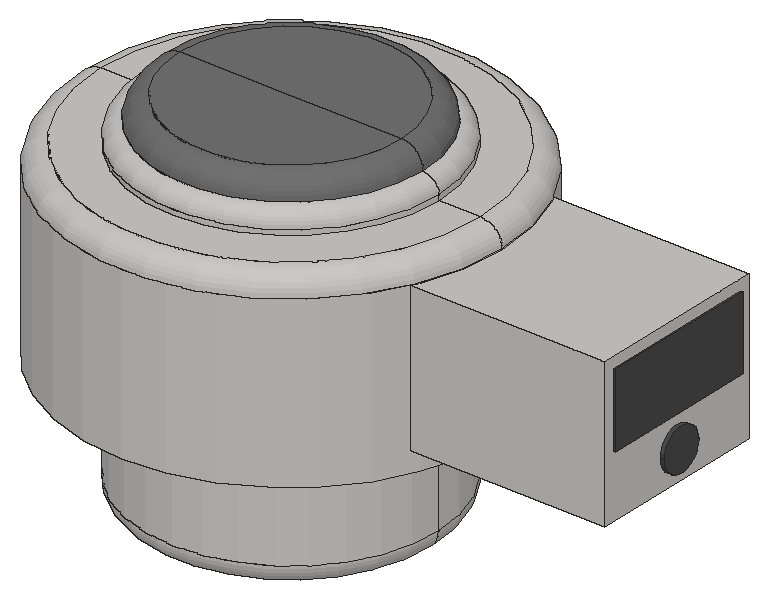
Revit family "QF_Vollrath_46060", category Specialty Equipment, Revit 2016
Family settings
  Part Type = Normal
  Round Connector Dimension = Use Diameter
  OmniClass Number = 23.40.40.14.14
  OmniClass Title = Food Preparation Equipment
  Work Plane-Based = No
  Always vertical = Yes
  Cut with Voids When Loaded = No
  Shared = No
  Room Calculation Point = No
Parameters
  Weight in Pounds = 4
  Watts = 275 W
  Volts = 120 V
  URL Cutsheet = ""
  URL = "www.vollrathco.com"
  Status [instance] = ""
  Specification by User [instance] = ""
  Specification by Manufacturer [instance] = ""
  Serial Number [instance] = ""
  Seismic Rating [instance] = ""
  SMACNA No [instance] = ""
  Revision Code [instance] = ""
  Phase = 1
  Number of Poles [instance] = 1
  NAFEM Spec ID Number [instance] = ""
  Model = "46060"
  Masterspec [instance] = ""
  Manufacturer = "Vollrath"
  Item Number [instance] = "-"
  Installed By [instance] = ""
  Height AFF [instance] = 3' - 0"
  Height [instance] = if(Fully Extended, 0' 5 1/4", 0' 4 1/4")  # 0' - 4 1/4"
  Furnished By [instance] = ""
  Fully Extended [instance] = no
  Foodservice Equipment Identifier [instance] = yes
  FL Amps = 2.3 A
  Electrical Remarks [instance] = ""
  Electric Connection Type [instance] = ""
  Elec Conn RI Height [instance] = 0' - 0"
  Elec Conn Connection Height [instance] = Height AFF + 0' 2 1/8"  # 3' - 2 1/8"
  Description = "Universal Electric Chafer Heater"
  Cycle = 60 Hz
  Conn Plug = "NEMA 5-15P"
  CSI MasterFormat = "11 42 00"
  Assembly Code = "E1090320"
  Apparent Power = Volts * FL Amps  # 276 VA
Reference planes (in)
  plane 1 "Center LR": y = 0
  plane 2: z = 0
  plane 3 "Center FB": x = -23.93845
  plane 4 "RIGHT": x = -19.37595
  plane 5 "LEFT": x = -26.43845
  plane 6 "BACK": y = 2.5625
  plane 7 "FRONT": y = -2.5625
  plane 8 "BOTTOM": z = 36
  plane 9 "TOP": z = 40.25
  plane 10: z = 39.75
  plane 11: z = 40
  plane 12: x = -21.68845
  plane 13: z = 37.75
  plane 14: z = 39.5
  plane 15: y = 1.0625
  plane 16: y = -1.0625
Forms (in)
  Revolve 1, solid, material "QF_Finishes_Stainless Steel"
    sketch origin (0, 0, 0) x (1, 0, 0) y (0, 0, 1)
      loop
        line (-23.93845, 36) -> (-23.93845, 39.75) -> (-26.18845, 39.75)
        arc (-26.18845, 39.75) -> (-26.36523, 39.67678) -> (-26.43845, 39.5) r 0.25
        line (-26.43845, 39.5) -> (-26.43845, 37.5) -> (-25.93845, 37.5)
        arc (-25.93845, 37.5) -> (-25.76168, 37.42678) -> (-25.68845, 37.25) r 0.25
        line (-25.68845, 37.25) -> (-25.68845, 36.25)
        arc (-25.68845, 36.25) -> (-25.61523, 36.07322) -> (-25.43845, 36) r 0.25
        line (-25.43845, 36) -> (-23.93845, 36)
      axis (-23.93845, 39.75) -> (-23.93845, 36)
    angle from 0 to 360
  Revolve 2, solid, material "QF_Finishes_Stainless Steel"
    sketch origin (0, 0, 0) x (1, 0, 0) y (0, 0, 1)
      loop
        line (-23.93845, 39.75) -> (-23.93845, 40) -> (-25.50095, 40)
        arc (-25.50095, 40) -> (-25.63354, 39.94508) -> (-25.68845, 39.8125) r 0.1875
        line (-25.68845, 39.8125) -> (-25.68845, 39.75) -> (-23.93845, 39.75)
      axis (-23.93845, 40) -> (-23.93845, 39.75)
    angle from 0 to 360
  Revolve 3, solid, material "QF_Finishes_Dark Grey"
    sketch origin (0, 0, 0) x (1, 0, 0) y (0, 0, 1)
      loop
        line (-23.93845, 40) -> (-23.93845, 40.25) -> (-25.25095, 40.25)
        arc (-25.25095, 40.25) -> (-25.42773, 40.17678) -> (-25.50095, 40) r 0.25
        line (-25.50095, 40) -> (-23.93845, 40)
      axis (-23.93845, 40.25) -> (-23.93845, 40)
    angle from 0 to 360
  Extrusion 4, solid, material "QF_Finishes_Stainless Steel"
    sketch origin (-19.37595, 0, 0) x (0, 1, 0) y (0, 0, 1)
      loop
        line (-1.0625, 39.5) -> (-1.0625, 37.75) -> (1.0625, 37.75) -> (1.0625, 39.5) -> (-1.0625, 39.5)
    from 0 to -2.3125
  Extrusion 5, solid, material "QF_Finishes_Black"
    sketch origin (-19.37595, 0, 0) x (0, 1, 0) y (0, 0, 1)
      loop
        circle (0, 38.125) r 0.25
    from 0 to 0.0625
  Extrusion 6, solid, material "QF_Finishes_Black"
    sketch origin (-19.37595, 0, 0) x (0, 1, 0) y (0, 0, 1)
      loop
        line (0.9375, 38.5) -> (0.9375, 39.375) -> (-0.9375, 39.375) -> (-0.9375, 38.5) -> (0.9375, 38.5)
    from 0 to 0.03125
Lines and regions (in)
  symbolic lines
    curve 1: arc (-26.43845, 0, 0) -> (-23.93845, 2.5, 0) -> (-21.43845, 0, 0) r 2.5
    curve 2: arc (-21.43845, 0, 0) -> (-23.93845, -2.5, 0) -> (-26.43845, 0, 0) r 2.5
    curve 3: arc (-22.18845, 0, 0) -> (-23.93845, -1.75, 0) -> (-25.68845, 0, 0) r 1.75
    curve 4: arc (-25.68845, 0, 0) -> (-23.93845, 1.75, 0) -> (-22.18845, 0, 0) r 1.75
    curve 5: arc (-25.50095, 0, 0) -> (-23.93845, 1.5625, 0) -> (-22.37595, 0, 0) r 1.5625
    curve 6: arc (-22.37595, 0, 0) -> (-23.93845, -1.5625, 0) -> (-25.50095, 0, 0) r 1.5625
    curve 7: line (-19.37595, 1.0625, 0) -> (-21.67547, 1.0625, 0)
    curve 8: line (-21.67547, -1.0625, 0) -> (-19.37595, -1.0625, 0)
    curve 9: line (-19.37595, -1.0625, 0) -> (-19.37595, 1.0625, 0)
Dimensions and locks (in)
  "Height AFF": plane 8 "BOTTOM" to level
  "Height": plane 9 "TOP" to plane 8 "BOTTOM"
  locked: plane 9 "TOP" to plane 11 at 0.25
  locked: plane 10 to plane 8 "BOTTOM" at 3.75
  locked: plane 11 to Revolve 2 sketch curve at 0.1875
  locked: plane 5 "LEFT" to plane 4 "RIGHT" at 7.0625
  locked: plane 7 "FRONT" to plane 6 "BACK" at 5.125
  locked: plane 12 to plane 4 "RIGHT" at 2.3125
  locked: plane 13 to plane 8 "BOTTOM" at 1.75
  locked: plane 14 to plane 13 at 1.75
  locked: plane 16 to plane 15 at 2.125
  locked: Extrusion 5 sketch curve to plane 13 at 0.375
  locked: plane 14 to Extrusion 6 sketch curve at 0.125
  locked: Extrusion 6 sketch curve to plane 13 at 0.75
  locked: Extrusion 6 sketch curve to plane 15 at 0.125
  locked: plane 16 to Extrusion 6 sketch curve at 0.125
  aligned and locked: level to plane 2
  aligned and locked: plane 10 to Revolve 2 sketch curve
  aligned and locked: Revolve 2 sketch curve to plane 11
  aligned and locked: Revolve 3 sketch curve to plane 9 "TOP"
  aligned and locked: plane 11 to Revolve 3 sketch curve
  aligned and locked: Revolve 1 sketch curve to plane 10
  aligned and locked: Extrusion 4 sketch curve to plane 14
  aligned and locked: Extrusion 4 sketch curve to plane 16
  aligned and locked: plane 13 to Extrusion 4 sketch curve
  aligned and locked: plane 15 to Extrusion 4 sketch curve
  aligned and locked: Extrusion 4 to plane 12
Automatic sketch dimensions
  Revolve 1 sketch curve to plane 5 "LEFT" = 0' - 0"
  Revolve 1 sketch curve to plane 3 "Center FB" = 0' - 0"  (x2)
  Revolve 1 sketch curve to plane 8 "BOTTOM" = 0' - 0"
  plane 5 "LEFT" to Revolve 1 sketch curve = 0' - 0 1/4"
  plane 5 "LEFT" to Revolve 1 sketch curve = 0' - 0 1/2"
  Revolve 1 sketch curve to Revolve 1 sketch curve = 0' - 0 1/4"
  plane 8 "BOTTOM" to Revolve 1 sketch curve = 0' - 0 1/4"
  Revolve 1 sketch curve to level = 2' - 0"
  Revolve 1 sketch curve to Revolve 1 sketch curve = 0' - 1"
  plane 9 "TOP" to Revolve 1 sketch curve = 4' - 8.84174"
  Revolve 2 sketch curve to plane 3 "Center FB" = 0' - 0"  (x2)
  plane 5 "LEFT" to Revolve 2 sketch curve = 0' - 0 15/16"
  Revolve 2 sketch curve to level = 2' - 0"
  plane 9 "TOP" to Revolve 2 sketch curve = 4' - 8.84174"
  Revolve 3 sketch curve to plane 3 "Center FB" = 0' - 0"  (x2)
  plane 5 "LEFT" to Revolve 3 sketch curve = 0' - 1 3/16"
  Revolve 3 sketch curve to level = 2' - 0"
  plane 9 "TOP" to Revolve 3 sketch curve = 4' - 8.84174"
  Extrusion 5 sketch curve to plane 1 "Center LR" = 0' - 0"
  curve 1 to curve 3 = 0' - 0"  (x2)
  curve 1 to curve 5 = 0' - 0"  (x2)
  plane 1 "Center LR" to curve 1 = 0' - 0"
  curve 1 to plane 5 "LEFT" = 0' - 0"
  curve 3 to plane 3 "Center FB" = 0' - 0"
  plane 16 to curve 8 = 0' - 0"
  plane 15 to curve 7 = 0' - 0"
  curve 7 to plane 4 "RIGHT" = 0' - 0"
  plane 5 "LEFT" to curve 3 = 0' - 0 3/4"
  curve 3 to curve 5 = 0' - 0 3/16"
  radius of Extrusion 5 sketch curve = 0' - 0 1/4"
Connectors (in)
  electrical at (-19.31345, 0, 38.125), driven by "Number of Poles", driven by "Volts", driven by "Apparent Power"
    settings: on Extrusion 5, index 1, voltage 120 V, apparent load 276 VA, apparent load phase1 0 VA, apparent load phase2 0 VA, apparent load phase3 0 VA, power factor 1, load classification "Other", number of poles 1, system type 30, power factor state 1, is connector primary yes, connector utility no, sub classification motor no, connector description "Electric"
